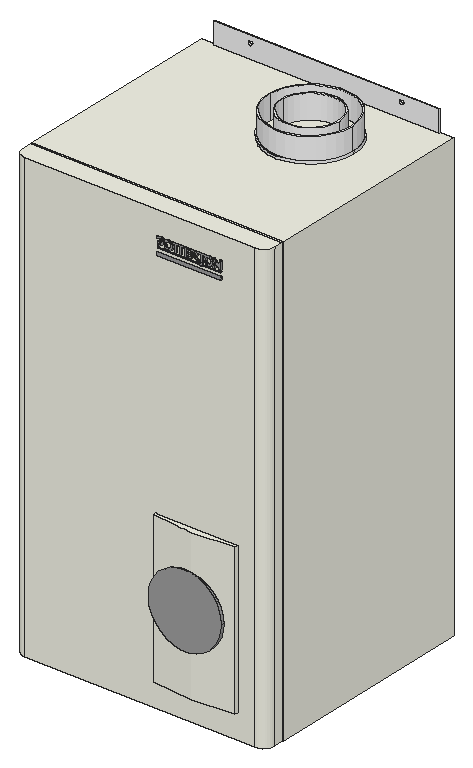
Revit family "Paramount Three 60 ", category Mechanical Equipment, Revit 2012
Parameters
  Weight (Full) (kg) = 65.7
  URL = "http://www.pottertoncommercial.co.uk/products_details.php?product=paramount_three"
  Seasonal Boiler Efficiency (%) = 95
  Power Consumption (W) = 100
  Model = "Paramount Three 60"
  Maximum Output @ 80/60°C (kW) = 56.3
  Manufacturer = "Potterton Commercial"
  Duct Connector Radius [instance] = if([110mm Flue], 55 mm, if([150mm Flue], 75 mm, 0 mm))  # 55 mm
  Description = "Wall Hung Condensing Boiler"
  110mm Flue [instance] = yes
  150mm Flue [instance] = no
Reference planes
  plane 1 "Center (Front/Back)": y = 0
  plane 2: z = 0
  plane 3 "Center (Left/Right)": x = 0
  plane 4: y = 0
  plane 5: y = -1.5
  plane 6: y = -131.5
  plane 7: y = -131.5
  plane 8: y = -131.5
  plane 9: y = -415.5
  plane 10: y = -285.5
  plane 11: x = 240
  plane 12: x = -240
  plane 13: x = -77
  plane 14: y = -314.5
  plane 15: x = -91.5
Forms (mm)
  Extrusion 1, solid, material "Potterton Paramount Three - Body"
    sketch origin (0, -37.5, 0) x (-1, 0, 0) y (0, -1, 0)
      loop
        line (-240, -37.5) -> (240, -37.5) -> (240, 388)
        arc (240, 388) -> (233.849, 402.849) -> (219, 409) r 21
        line (219, 409) -> (-219, 409)
        arc (-219, 409) -> (-233.849, 402.849) -> (-240, 388) r 21
        line (-240, 388) -> (-240, -37.5)
    from 0 to 851
  Extrusion 2, solid, material "Potterton Paramount Three - Steel"
    sketch origin (0, 0, 0) x (-1, 0, 0) y (0, 0, 1)
      loop
        line (214, 851) -> (214, 892) -> (-214, 892) -> (-214, 851) -> (214, 851)
      loop
        circle (144, 879) r 4.5
      loop
        circle (-144, 879) r 4.5
    from 0 to -2.5
  Extrusion 3, solid, material "Potterton Paramount Three - Steel"
    sketch origin (72.5, -1.5, 0) x (-1, 0, 0) y (0, -1, 0)
      loop
        circle (0, 130) r 82.5
      loop
        circle (0, 130) r 80
    from 851 to 856
  Extrusion 4, solid, material "Potterton Paramount Three - Steel"
    sketch origin (72.5, -1.5, 0) x (-1, 0, 0) y (0, -1, 0)
      loop
        circle (0, 130) r 80
      loop
        circle (0, 130) r 78
    from 851 to 897
  Extrusion 5, solid, material "Potterton Paramount Three - Steel"
    sketch origin (72.5, -1.5, 0) x (-1, 0, 0) y (0, -1, 0)
      loop
        circle (0, 130) r 55
      loop
        circle (0, 130) r 53
    from 851 to 897
  Extrusion 6, solid, material "Potterton Paramount Three - Steel"
    sketch origin (0, -8.5, 0) x (1, 0, 0) y (0, 1, 0)
      loop
        circle (-85.5, -237) r 9.25
      loop
        circle (-55.5, -237) r 4.85
      loop
        circle (-25.5, -237) r 10.75
      loop
        circle (4.5, -237) r 10.5
      loop
        circle (34.5, -237) r 10.5
      loop
        circle (-100, -266) r 9.25
      loop
        circle (-70, -266) r 9.25
      loop
        circle (-40, -266) r 10.85
      loop
        circle (-10, -266) r 9.85
      loop
        circle (20, -266) r 14
      loop
        circle (50, -266) r 14
    from 30 to 50
  Extrusion 7, void
    sketch origin (0, -39.5, 0) x (1, 0, 0) y (0, 1, 0)
      loop
        line (-194, -360) -> (194, -360) -> (194, -346) -> (206, -325.215) -> (206, -2.285) -> (194, 19.5) -> (194, 31.5) -> (-194, 31.5) -> (-194, 19.5) -> (-206, -2.285) -> (-206, -325.215) -> (-194, -346) -> (-194, -360)
    from 0 to 50
  Extrusion 8, solid, material "Potterton Paramount Three - Body"
    sketch origin (6.896, -37.5, 297.5) x (0, 1, 0) y (1, 0, 0)
      loop
        line (-409, 179.704) -> (-416, 179.704)
        arc (-416, 179.704) -> (-421.032, 101.704) -> (-416, 23.704) r 607
        line (-416, 23.704) -> (-409, 23.704) -> (-409, 179.704)
    from -35 to 250
  Extrusion 9, solid, material "Potterton Paramount Three - Cover"
    sketch origin (-0.4, -452.5, 0) x (1, 0, 0) y (0, 0, 1)
      loop
        circle (96, 195) r 70
    from 0 to 6.6
  Extrusion 10, solid, material "Potterton Paramount Three - Logo"
    sketch origin (-275.872, -446.5, 698.63) x (1, 0, 0) y (0, 0, 1)
      loop
        arc (316.284, 105.758) -> (319.074, 102.967) -> (316.284, 100.177) r 2.79
        line (316.284, 100.177) -> (309.343, 100.177) -> (309.343, 92.064) -> (312.758, 92.064) -> (312.758, 96.721) -> (316.284, 96.721)
        arc (316.284, 96.721) -> (319.818, 97.833) -> (322.081, 100.766) r 6.176
        arc (322.081, 100.766) -> (333.414, 92.147) -> (337.595, 105.758) r 8.681
        line (337.595, 105.758) -> (342.208, 105.758) -> (342.208, 92.064) -> (345.744, 92.064) -> (345.744, 105.758) -> (352.462, 105.758) -> (352.462, 92.064) -> (355.968, 92.064) -> (355.968, 105.758) -> (362.45, 105.758) -> (362.45, 92.064) -> (374.405, 92.064) -> (374.405, 95.397) -> (365.957, 95.397) -> (365.957, 99.003) -> (372.866, 99.003)
        arc (372.866, 99.003) -> (374.502, 100.639) -> (372.866, 102.274) r 1.635
        line (372.866, 102.274) -> (365.957, 102.274) -> (365.957, 105.758) -> (381.502, 105.758)
        arc (381.502, 105.758) -> (383.244, 104.016) -> (381.502, 102.274) r 1.742
        line (381.502, 102.274) -> (376.945, 102.274)
        arc (376.945, 102.274) -> (375.381, 101.116) -> (376.032, 99.282) r 1.635
        line (376.032, 99.282) -> (392.981, 87.87)
        arc (392.981, 87.87) -> (394.629, 87.8) -> (395.474, 89.217) r 1.611
        line (395.474, 89.217) -> (395.474, 105.758) -> (400.487, 105.758)
        arc (400.487, 105.758) -> (403.579, 92.581) -> (415.781, 98.438) r 8.681
        line (415.781, 98.438) -> (415.781, 92.064) -> (419.317, 92.064) -> (419.317, 102.274) -> (427.82, 92.608)
        arc (427.82, 92.608) -> (429.852, 92.102) -> (431.043, 93.824) r 1.841
        line (431.043, 93.824) -> (431.043, 107.5)
        arc (431.043, 107.5) -> (429.246, 109.297) -> (427.449, 107.5) r 1.797
        line (427.449, 107.5) -> (427.449, 98.467) -> (418.665, 108.738)
        arc (418.665, 108.738) -> (416.852, 109.21) -> (415.781, 107.673) r 1.639
        line (415.781, 107.673) -> (415.781, 102.385)
        arc (415.781, 102.385) -> (412.945, 107.03) -> (407.903, 109.074) r 8.681
        line (407.903, 109.074) -> (388.41, 109.074)
        arc (388.41, 109.074) -> (386.752, 107.416) -> (388.41, 105.758) r 1.658
        line (388.41, 105.758) -> (391.885, 105.758) -> (391.885, 92.494) -> (381.502, 99.55)
        arc (381.502, 99.55) -> (386.264, 104.312) -> (381.502, 109.074) r 4.762
        line (381.502, 109.074) -> (338.151, 109.074)
        arc (338.151, 109.074) -> (336.788, 108.359) -> (336.6, 106.831) r 1.658
        arc (336.6, 106.831) -> (328.47, 108.787) -> (322.46, 102.972) r 8.681
        arc (322.46, 102.972) -> (320.625, 107.291) -> (316.284, 109.074) r 6.176
        line (316.284, 109.074) -> (309.175, 109.074)
        arc (309.175, 109.074) -> (307.516, 107.416) -> (309.175, 105.758) r 1.658
        line (309.175, 105.758) -> (316.284, 105.758)
      loop
        line (398.443, 89.682) -> (398.443, 88.776) -> (430.656, 88.776) -> (430.656, 89.682) -> (398.443, 89.682)
      loop
        line (309.343, 89.682) -> (309.343, 88.776) -> (387.318, 88.776) -> (387.318, 89.682) -> (309.343, 89.682)
      loop
        arc (310.458, 82.011) -> (307.385, 78.937) -> (310.458, 75.864) r 3.074
        line (310.458, 75.864) -> (428.858, 75.864)
        arc (428.858, 75.864) -> (431.932, 78.937) -> (428.858, 82.011) r 3.074
        line (428.858, 82.011) -> (310.458, 82.011)
      loop
        circle (330.755, 100.412) r 5.181
      loop
        circle (316.284, 102.967) r 1.75
      loop
        circle (407.327, 100.412) r 5.181
    from 0 to 1
  Sweep 11, void
    path in 3D
      loop
        line (240, -39.5, 0) -> (240, -39.5, 851) -> (-240, -39.5, 851) -> (-240, -39.5, 0)
    profile origin (-240, -39.5, 425.5) x (-1, 0, 0) y (0, -1, 0)
      loop
        line (0, 368.5) -> (-1.5, 367) -> (0, 365.5) -> (0, 368.5)
  Extrusion 12, solid, material "Potterton Paramount Three - Copper Piping"
    sketch origin (-142.529, -37.926, 0) x (1, 0, 0) y (0, 1, 0)
      loop
        circle (142.529, -42.074) r 12.5
    from 0 to 50
  Extrusion 13, solid, material "Potterton Paramount Three - Copper Piping"
    sketch origin (-272.529, -37.926, 0) x (1, 0, 0) y (0, 1, 0)
      loop
        circle (142.529, -42.074) r 20
    from 0 to 50
  Extrusion 14, solid, material "Potterton Paramount Three - Copper Piping"
    sketch origin (-12.529, -37.926, 0) x (1, 0, 0) y (0, 1, 0)
      loop
        circle (142.529, -42.074) r 20
    from 0 to 50
  Extrusion 15, solid, material "Potterton Paramount Three - Copper Piping"
    sketch origin (-331.529, -8.926, 0) x (1, 0, 0) y (0, 1, 0)
      loop
        circle (142.529, -42.074) r 12.5
    from 0 to 50
Cuts and joins
  Extrusion 7, Sweep 11 cuts Extrusion 1
  Extrusion 7 cuts Extrusion 8
Lines and regions (mm)
  sketch lines
    curve 1: line (-240, -39.5, 851) -> (-240, -39.5, 0)
    curve 2: line (240, -39.5, 851) -> (-240, -39.5, 851)
    curve 3: line (240, -39.5, 851) -> (240, -39.5, 0)
Dimensions and locks
  Extrusion 2 to level = 892 mm
  aligned and locked: level to plane 2
Connectors
  piping at (72.5, -131.5, 856), driven by "Duct Connector Radius"
    settings: on Extrusion 3, index 1, connector radius 55 mm, flow factor 0, pipe flow 0.000 m³/h, pressure drop 0.0 Pa, fitting loss kfactor 0, connector angle 0.00°, fixture units 0, engagement length 0 mm, flow configuration 0, flow direction 0, fitting loss method 0, system type 29, joint type 0, gender type 0, connector reference index -1, connector utility 0, adjustable connector no, is connector primary yes, fitting loss table "", connector description ""
  piping at (-189, -51, 0)
    settings: on Extrusion 15, index 2, connector radius 12.5 mm, flow factor 0, pipe flow 0.000 m³/h, pressure drop 0.0 Pa, fitting loss kfactor 0, connector angle 0.00°, fixture units 0, engagement length 0 mm, flow configuration 0, flow direction 0, fitting loss method 0, system type 29, joint type 0, gender type 0, connector reference index -1, connector utility 0, adjustable connector no, is connector primary no, fitting loss table "", connector description ""
  piping at (-130, -80, 0)
    settings: on Extrusion 13, index 3, connector radius 20 mm, flow factor 0, pipe flow 0.000 m³/h, pressure drop 0.0 Pa, fitting loss kfactor 0, connector angle 0.00°, fixture units 0, engagement length 0 mm, flow configuration 0, flow direction 0, fitting loss method 0, system type 29, joint type 0, gender type 0, connector reference index -1, connector utility 0, adjustable connector no, is connector primary no, fitting loss table "", connector description ""
  piping at (0, -80, 0)
    settings: on Extrusion 12, index 4, connector radius 12.5 mm, flow factor 0, pipe flow 6.100 m³/h, pressure drop 0.0 Pa, fitting loss kfactor 0, connector angle 0.00°, fixture units 0, engagement length 0 mm, flow configuration 0, flow direction 0, fitting loss method 0, system type 29, joint type 0, gender type 0, connector reference index -1, connector utility 0, adjustable connector no, is connector primary no, fitting loss table "", connector description ""
  piping at (130, -80, 0)
    settings: on Extrusion 14, index 5, connector radius 20 mm, flow factor 0, pipe flow 0.000 m³/h, pressure drop 0.0 Pa, fitting loss kfactor 0, connector angle 0.00°, fixture units 0, engagement length 0 mm, flow configuration 0, flow direction 0, fitting loss method 0, system type 29, joint type 0, gender type 0, connector reference index -1, connector utility 0, adjustable connector no, is connector primary no, fitting loss table "", connector description ""
